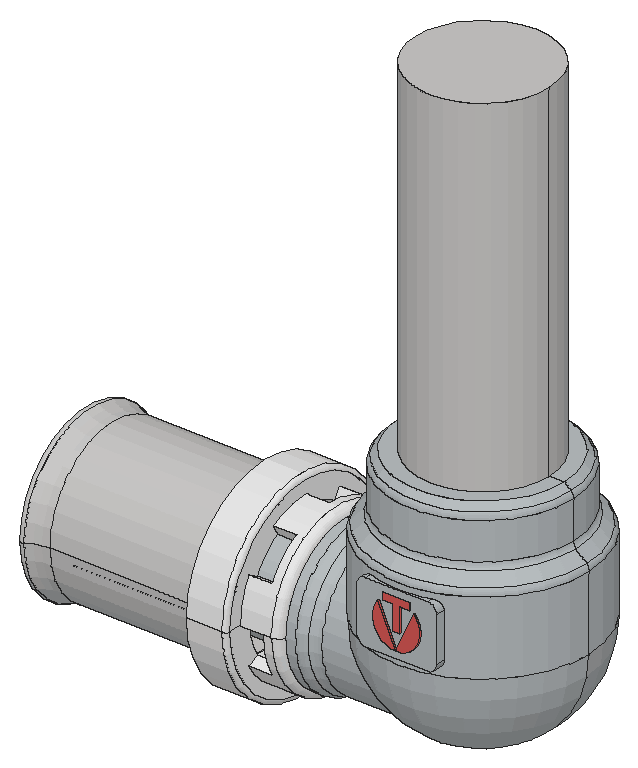
Revit family "VTm_281_УгольникПресс_c_ХромТрубкой", category Соединительные детали трубопроводов, Revit 2017
Family settings
  Размер круглого соединителя = Использовать диаметр
  Тип детали = Отвод
  На основе рабочей плоскости = Нет
  Всегда вертикально = Да
  При загрузке вырезать с полостями = Нет
  Общий = Нет
Parameters (values of type "16 х 15")
  Фактическая высота от оси пресс гильзы до верх торца хром трубки [instance] = h  # 60.00 mm
  Тело = VTm_281_ТелоУгольникПрессСХромТ_16_15 : VTm_281_ТелоУгольникПрессСХромТ_16_15
  Символ вид спереди и модель [instance] = yes
  Символ в плане [instance] = not(Символ вид спереди и модель)  # no
  РадТрубки = DN2 / 2  # 7.50 mm
  Рад1 = DN1 / 4  # 4.00 mm
  Описание = "Служит для подключения отопительного прибора к разводке из металлополимерных труб"  # constant formula
  Комментарии к типоразмеру = "Модель разработана по заказу ВЕСТА Регионы, автор Михаил Кузьмин НПО Инкомис, правообладатель ВЕСТА Регионы"  # constant formula
  Изготовитель = "VALTEC"  # constant formula
  Желаемая высота от оси пресс гильзы до верх торца хром трубки [instance] = 60.00 mm
  h [instance] = if(or(Желаемая высота от оси пресс гильзы до верх торца хром трубки < 55.00 mm), 55.00 mm, if(or(Желаемая высота от оси пресс гильзы до верх торца хром трубки > 700.00 mm), 700.00 mm, Желаемая высота от оси пресс гильзы до верх торца хром трубки))  # 60.00 mm
  DN2 = 15.00 mm
  DN1 = 16.00 mm
  H [instance] = if(or(Желаемая высота от оси пресс гильзы до верх торца хром трубки = 300.00 mm), 299.00 mm, if(or(Желаемая высота от оси пресс гильзы до верх торца хром трубки = 700.00 mm), 699.00 mm, Желаемая высота от оси пресс гильзы до верх торца хром трубки))  # 60.00 mm
  Длина основы 1 = 17.30 mm
  Гильза1 = VTm_281_Гильза_от_16_до_20 : 16
  Видеть резьбу [instance] = yes
  VT_Цена базовая [instance] = if(and(DN1 = 16.00 mm, H < 300.00 mm), 482, if(and(DN1 = 16.00 mm, H > 300.00 mm), 0, if(and(DN1 = 20.00 mm, H < 300.00 mm), 493, if(and(DN1 = 20.00 mm, H > 300.00 mm), 0, 0))))  # 482
  VT_sleeve = Нержавеющая сталь
  VT_ring = Пластмасса, непрозрачная, белая
  VT_logo = Алюминий, анодированный красный
  VT_body = Цинк
  URL = "http://valtec.ru/catalog/sistemy_metallopolimernyh_i_polimernyh_truboprovodov/press_fitingi/press_fiting_trojnik_s_hromirovannoj_trubkoj_vtm282n.html"
  ADSK_Примечание = ""
  ADSK_Позиция [instance] = if(and(DN1 = 16.00 mm, H < 300.00 mm), "281.1630", if(and(DN1 = 16.00 mm, H > 300.00 mm), "281.1670", if(and(DN1 = 20.00 mm, H < 300.00 mm), "281.2030", if(and(DN1 = 20.00 mm, H > 300.00 mm), "281. 2070", "Такого типоразмера не существует"))))  # "281.1630"
  ADSK_Обозначение [instance] = if(and(DN1 = 16.00 mm, H < 300.00 mm), "VTm.281.N.1615-30", if(and(DN1 = 16.00 mm, H > 300.00 mm), "VTm.281.N.1615-70", if(and(DN1 = 20.00 mm, H < 300.00 mm), "VTm.281.N.2015-30", if(and(DN1 = 20.00 mm, H > 300.00 mm), "VTm.281.N.2015-70", "Такого типоразмера не существует"))))  # "VTm.281.N.1615-30"
  ADSK_Наименование [instance] = if(and(DN1 = 16.00 mm, H < 300.00 mm), "Угольник пресс с хромированной трубкой короткий 16х15х300", if(and(DN1 = 16.00 mm, H > 300.00 mm), "Угольник пресс с хромированной трубкой длинный 16х15х700", if(and(DN1 = 20.00 mm, H < 300.00 mm), "Угольник пресс с хромированной трубкой короткий 20х15х300", if(and(DN1 = 20.00 mm, H > 300.00 mm), "Угольник пресс с хромированной трубкой длинный 20х15х700", "Такого типоразмера не существует"))))  # "Угольник пресс с хромированной трубкой короткий 16х15х300"
  ADSK_Масса_Текст [instance] = if(and(DN1 = 16.00 mm, H < 300.00 mm), "0,204", if(and(DN1 = 16.00 mm, H > 300.00 mm), "0,348", if(and(DN1 = 20.00 mm, H < 300.00 mm), "0,212", if(and(DN1 = 20.00 mm, H > 300.00 mm), "0,358", " "))))  # "0,204"
  ADSK_Масса [instance] = if(and(DN1 = 16.00 mm, H < 300.00 mm), 0.204, if(and(DN1 = 16.00 mm, H > 300.00 mm), 0.348, if(and(DN1 = 20.00 mm, H < 300.00 mm), 0.212, if(and(DN1 = 20.00 mm, H > 300.00 mm), 0.358, 0))))  # 0.204
  ADSK_Завод-изготовитель = "VALTEC"  # constant formula
  ADSK_Единица измерения = "шт"  # constant formula
  ADSK_Версия семейства = "01.01"  # constant formula
  ADSK_Версия Revit = "2017"  # constant formula
Types (2, lengths in mm): name | Тело | Рад1 | DN1 | Гильза1 | VT_Цена базовая | ADSK_Позиция | ADSK_Обозначение | ADSK_Наименование | ADSK_Масса_Текст | ADSK_Масса
  16 х 15 | VTm_281_ТелоУгольникПрессСХромТ_16_15 : VTm_281_ТелоУгольникПрессСХромТ_16_15 | 4.00 | 16.00 | VTm_281_Гильза_от_16_до_20 : 16 | 482 | "281.1630" | "VTm.281.N.1615-30" | "Угольник пресс с хромированной трубкой короткий 16х15х300" | "0,204" | 0.204
  20 х 15 | VTm_281_ТелоУгольникПрессСХромТ_20_15 : VTm_281_ТелоУгольникПрессСХромТ_20_15 | 5.00 | 20.00 | VTm_281_Гильза_от_16_до_20 : 20 | 493 | "281.2030" | "VTm.281.N.2015-30" | "Угольник пресс с хромированной трубкой короткий 20х15х300" | "0,212" | 0.212
Reference planes
  plane 1 "По центру (Вперед/Назад)": y = 0
  plane 2: z = 0
  plane 3 "По центру (Влево/Вправо)": x = 0
  plane 4: x = -17.3
  plane 5: x = -33.3
  plane 6: x = -49.3
  plane 7: y = -16
  plane 8: y = 16
  plane 9: z = 60
  plane 10: z = 16
  plane 11: z = -16
Forms (mm)
  Extrusion 1, solid, not visible
    sketch origin (0, 0, 0) x (0, 1, 0) y (0, 0, 1)
      loop
        circle (0, 0) r 4
    from 0 to -17.3
  Extrusion 2, solid, material "Нержавеющая сталь" <- "VT_sleeve", detail levels fine
    sketch origin (0, 0, 0) x (1, 0, 0) y (0, 1, 0)
      loop
        circle (0, 0) r 7.5
    from 0 to 60
Lines and regions (mm)
  model lines, style "VT_symbol", visible <- "Символ в плане", detail levels medium
    curve 1: line (-17.3, 16, 0) -> (-49.3, -16, 0)
    curve 2: line (-49.3, 16, 0) -> (-17.3, -16, 0)
  model lines, style "VT_symbol", detail levels coarse+medium
    curve 3: line (0, 0, 0) -> (0, 0, 60)
  model lines, detail levels coarse+medium
    curve 4: line (0, 0, 0) -> (-17.3, 0, 0)
  model lines, style "VT_symbol", visible <- "Символ вид спереди и модель", detail levels medium
    curve 5: line (-49.3, 0, 16) -> (-17.3, 0, -16)
    curve 6: line (-49.3, 0, -16) -> (-17.3, 0, 16)
Dimensions and locks
  "Длина основы 1": plane 4 to plane 3 "По центру (Влево/Вправо)"
  equal spacing: plane 8, plane 1 "По центру (Вперед/Назад)", plane 7
  equal spacing: plane 6, plane 5, plane 4
  "DN1": plane 5 to plane 4
  "DN1": plane 7 to plane 1 "По центру (Вперед/Назад)"
  "h": plane 9 to plane 2
  equal spacing: plane 10, plane 2, plane 11
  "DN1": plane 10 to plane 2
  "Рад1": radius of Extrusion 1 sketch curve
  "РадТрубки": radius of Extrusion 2 sketch curve
  aligned and locked: level to plane 2
  aligned and locked: plane 1 "По центру (Вперед/Назад)" to Extrusion 1 sketch curve
  aligned and locked: plane 2 to Extrusion 1 sketch curve
  aligned and locked: plane 3 "По центру (Влево/Вправо)" to Extrusion 1
  aligned and locked: Extrusion 1 to plane 4
  aligned and locked: plane 8 to curve 1
  aligned and locked: plane 4 to curve 1
  aligned and locked: plane 4 to curve 2
  aligned and locked: plane 7 to curve 2
  aligned and locked: plane 7 to curve 1
  aligned and locked: plane 6 to curve 1
  aligned and locked: plane 6 to curve 2
  aligned and locked: plane 8 to curve 2
  aligned and locked: nested 1 to plane 1 "По центру (Вперед/Назад)"
  aligned and locked: nested 1 to plane 2
  aligned and locked: plane 3 "По центру (Влево/Вправо)" to nested 2
  aligned and locked: plane 1 "По центру (Вперед/Назад)" to nested 2
  aligned and locked: plane 9 to curve 3
  aligned and locked: plane 3 "По центру (Влево/Вправо)" to Extrusion 2 sketch curve
  aligned and locked: plane 9 to Extrusion 2
  aligned and locked: nested 3 to plane 1 "По центру (Вперед/Назад)"
  aligned and locked: plane 2 to nested 3
  aligned and locked: Extrusion 2 to plane 2
  aligned and locked: plane 1 "По центру (Вперед/Назад)" to Extrusion 2 sketch curve
  aligned and locked: plane 2 to curve 3
  aligned and locked: plane 1 "По центру (Вперед/Назад)" to curve 3
  aligned and locked: plane 4 to curve 4
  aligned and locked: plane 6 to curve 5
  aligned and locked: plane 10 to curve 5
  aligned and locked: plane 4 to curve 6
  aligned and locked: plane 10 to curve 6
  aligned and locked: plane 4 to curve 5
  aligned and locked: plane 11 to curve 5
  aligned and locked: plane 6 to curve 6
  aligned and locked: plane 11 to curve 6
Automatic sketch dimensions
  curve 4 to level = 0.00 mm
  curve 4 to plane 3 "По центру (Влево/Вправо)" = 0.00 mm
Nested families
  nested 1: "MarkR" at (-17.3, 0, 0) x (0, 1, 0) z (1, 0, 0), type "MarkR", not visible
  nested 2: "VTm_281_ТелоУгольникПрессСХромТ_16_15" at (0, 0, 0), type <- "Тело", type "VTm_281_ТелоУгольникПрессСХромТ_16_15", detail levels fine
  nested 3: "VTm_281_Гильза_от_16_до_20" at (-17.3, 0, 0) x (0, 1, 0) z (-1, 0, 0), type <- "Гильза1", type "16", detail levels fine
Connectors
  piping at (-17.3, 0, 0), diameter 16, driven by "DN1"
    settings: on Extrusion 1, index 1, connector inside diameter 609.6 mm, connector length 0.00 mm, flow factor 0, pipe flow 0.0 L/s, pressure drop 0.0 Pa, fitting loss kfactor 0, connector angle 0.00°, fixture units 0, engagement length 0.00 mm, angle of deflection 0.00°, flow configuration 0, flow direction 0, fitting loss method 0, system type 28, joint type 0, gender type 0, connector reference index 2, connector utility 0, adjustable connector no, is connector primary yes, connector description ""
  piping at (0, 0, 60), diameter 15, driven by "DN2"
    settings: on Extrusion 2, index 2, connector inside diameter 609.6 mm, connector length 0.00 mm, flow factor 0, pipe flow 0.0 L/s, pressure drop 0.0 Pa, fitting loss kfactor 0, connector angle 90.00°, fixture units 0, engagement length 0.00 mm, angle of deflection 0.00°, flow configuration 0, flow direction 0, fitting loss method 0, system type 28, joint type 0, gender type 0, connector reference index 1, connector utility 0, adjustable connector no, is connector primary no, connector description ""
Definition of nested family "VTm_281_ТелоУгольникПрессСХромТ_16_15"
  Parameters (values of type "VTm_281_ТелоУгольникПрессСХромТ_16_15")
    Default Elevation = 1219.20 mm
    VT_logo = none
    VT_body = none
  Reference planes
    plane 1 "По центру (Вперед/Назад)": y = 0
    plane 2: z = 0
    plane 3 "По центру (Влево/Вправо)": x = 0
    plane 4: x = -12
    plane 5: x = -10.25
    plane 6: z = 4.25
    plane 7: z = -7.75
    plane 8: z = -8.5
    plane 9: y = 12.137
    plane 10: y = -12.137
  Forms (mm)
    Extrusion 1, solid, material <- "VT_body"
      sketch origin (0, 0, 0) x (1, 0, 0) y (0, 0, 1)
        loop
          line (3.502, 11.924) -> (-3.497, 11.924)
          arc (-3.497, 11.924) -> (-4.206, 11.63) -> (-4.5, 10.921) r 1.003
          line (-4.5, 10.921) -> (-4.5, 5.923)
          arc (-4.5, 5.923) -> (-4.207, 5.217) -> (-3.501, 4.924) r 0.999
          line (-3.501, 4.924) -> (3.5, 4.924)
          arc (3.5, 4.924) -> (4.207, 5.217) -> (4.5, 5.924) r 1
          line (4.5, 5.924) -> (4.5, 10.926)
          arc (4.5, 10.926) -> (4.208, 11.632) -> (3.502, 11.924) r 0.998
      from -12.137 to 12.137
    Revolve 2, solid, material <- "VT_body"
      sketch origin (0, 0, 0) x (1, 0, 0) y (0, 0, 1)
        loop
          line (-9.25, 20.75) -> (-9.958, 20.042)
          arc (-9.958, 20.042) -> (-10.174, 19.719) -> (-10.25, 19.336) r 0.998
          line (-10.25, 19.336) -> (-10.25, 15.164)
          arc (-10.25, 15.164) -> (-10.326, 14.782) -> (-10.543, 14.457) r 1
          line (-10.543, 14.457) -> (-11.707, 13.293)
          arc (-11.707, 13.293) -> (-11.924, 12.968) -> (-12, 12.586) r 1
          line (-12, 12.586) -> (-12, 4.25)
          arc (-12, 4.25) -> (-8.485, -4.235) -> (0, -7.75) r 12
          line (0, -7.75) -> (0, 20.75) -> (-9.25, 20.75)
        axis (0, 20.75) -> (0, -7.75)
      angle from 0 to 360
    Revolve 3, solid, material <- "VT_body"
      sketch origin (0, 0, 0) x (1, 0, 0) y (0, 0, 1)
        loop
          line (0, -7.75) -> (0, 0) -> (-15.5, 0) -> (-15.5, -8.5) -> (-14.328, -8.5)
          arc (-14.328, -8.5) -> (-13.716, -8.404) -> (-13.163, -8.125) r 2
          arc (-13.163, -8.125) -> (-12.609, -7.846) -> (-11.997, -7.75) r 2
          line (-11.997, -7.75) -> (0, -7.75)
        axis (-15.5, 0) -> (0, 0)
      angle from 0 to 360
  Dimensions and locks
    locked: plane 4 to plane 3 "По центру (Влево/Вправо)" at 12
    locked: plane 5 to plane 3 "По центру (Влево/Вправо)" at 10.25
    Extrusion 1 sketch curve to plane 3 "По центру (Влево/Вправо)" to Extrusion 1 sketch curve = 4.50 mm, 4.50 mm
    Extrusion 1 sketch curve to Extrusion 1 sketch curve = 7.00 mm
    locked: plane 6 to plane 2 at 4.25
    locked: plane 2 to plane 7 at 7.75
    locked: plane 2 to plane 8 at 8.5
    equal spacing: Extrusion 1, nested 2, Extrusion 1, locked at 3.5 each
    equal spacing: Extrusion 1, nested 1, Extrusion 1, locked at 3.5 each
    locked: plane 3 "По центру (Влево/Вправо)" to Revolve 3 at 15.5
    equal spacing: plane 9, plane 1 "По центру (Вперед/Назад)", plane 10, locked at 12.137 each
    Extrusion 1 to Extrusion 1 to plane 2 = 7.00 mm locked, 4.924 mm locked
    equal spacing: Extrusion 1, plane 3 "По центру (Влево/Вправо)", Extrusion 1, locked at 4.5 each
    aligned and locked: level to plane 2
    aligned and locked: nested 1 to plane 3 "По центру (Влево/Вправо)"
    aligned and locked: plane 3 "По центру (Влево/Вправо)" to nested 2
    aligned and locked: Revolve 2 sketch curve to plane 3 "По центру (Влево/Вправо)"
    aligned and locked: plane 4 to Revolve 2 sketch curve
    aligned and locked: plane 5 to Revolve 2 sketch curve
    aligned and locked: plane 3 "По центру (Влево/Вправо)" to Revolve 2 sketch curve
    aligned and locked: Revolve 3 sketch curve to plane 3 "По центру (Влево/Вправо)"
    aligned and locked: Revolve 3 sketch curve to plane 2
    aligned and locked: Revolve 3 sketch curve to Revolve 3 sketch curve
    aligned and locked: plane 7 to Revolve 3 sketch curve
    aligned and locked: Extrusion 1 to plane 9
    aligned and locked: Extrusion 1 to plane 10
  Automatic sketch dimensions
    Extrusion 1 sketch curve to Extrusion 1 sketch curve = 0.999 mm
    Extrusion 1 sketch curve to Extrusion 1 sketch curve = 1.003 mm
    Extrusion 1 sketch curve to Extrusion 1 sketch curve = 1.00 mm
    Extrusion 1 sketch curve to Extrusion 1 sketch curve = 0.998 mm
    level to Extrusion 1 sketch curve = 4.924 mm
    Revolve 2 sketch curve to plane 3 "По центру (Влево/Вправо)" = 0.00 mm
    plane 4 to Revolve 2 sketch curve = 0.293 mm
    plane 4 to Revolve 2 sketch curve = 0.75 mm
    Revolve 2 sketch curve to plane 5 = 0.75 mm
    plane 5 to Revolve 2 sketch curve = 0.292 mm
    Revolve 2 sketch curve to Revolve 2 sketch curve = 0.998 mm
    plane 5 to Revolve 2 sketch curve = 1.00 mm
    Revolve 2 sketch curve to level = 7.75 mm
    Revolve 2 sketch curve to Revolve 2 sketch curve = 8.336 mm
    Revolve 2 sketch curve to Revolve 2 sketch curve = 4.172 mm
    Revolve 2 sketch curve to Revolve 2 sketch curve = 9.413 mm
    Revolve 2 sketch curve to Revolve 2 sketch curve = 10.00 mm
    plane 4 to Revolve 3 sketch curve = 0.003 mm
    Revolve 3 sketch curve to plane 4 = 2.328 mm
    Revolve 3 sketch curve to Revolve 3 sketch curve = 1.172 mm
    Revolve 3 sketch curve to level = 6.50 mm
    Revolve 3 sketch curve to Revolve 3 sketch curve = 2.00 mm  (x2)
    Revolve 3 sketch curve to Revolve 3 sketch curve = 14.038 mm
    plane 3 "По центру (Влево/Вправо)" to Revolve 3 sketch curve = 8.158 mm
  Nested families
    nested 1: "VTm_282_Logo_5_5mm" at (0, 12.137, 8.424) x (-1, 0, 0) z (0, 1, 0), type "VTm_282_Logo_5_5mm"
    nested 2: "VTm_282_Logo_5_5mm" at (0, -12.137, 8.424) x (1, 0, 0) z (0, -1, 0), type "VTm_282_Logo_5_5mm"
  Definition of nested family "VTm_282_Logo_5_5mm"
    Parameters (values of type "VTm_282_Logo_5_5mm")
      Default Elevation = 0.00 mm
      Description = ""
      Type Comments = ""
      VT_logo = none
    Reference planes
      plane 1 "По центру (Вперед/Назад)": y = 0
      plane 2: z = 0
      plane 3 "По центру (Влево/Вправо)": x = 0
      plane 4: z = -0.8
      plane 5: z = 0.1
    Forms (mm)
      Extrusion 1, solid, not visible
        sketch origin (0, 0, 0) x (1, 0, 0) y (0, 1, 0)
          loop
            line (-1219.2, 1219.2) -> (-1219.2, -1219.2) -> (1219.2, -1219.2) -> (1219.2, 1219.2) -> (-1219.2, 1219.2)
        from 0 to -304.8
      Extrusion 2, solid, material <- "VT_logo"
        sketch origin (0, 0, 0) x (1, 0, 0) y (0, 1, 0)
          loop
            arc (-2.006, 1.803) -> (-2.464, -1.097) -> (-0.002, -2.697) r 2.697
            line (-0.002, -2.697) -> (-2.006, 1.803)
          loop
            line (-0.42, 1.945) -> (-0.42, -0.8) -> (0.42, -0.8) -> (0.42, 1.945) -> (1.5, 1.945) -> (1.5, 2.749) -> (-1.5, 2.749) -> (-1.5, 1.945) -> (-0.42, 1.945)
        from -0.8 to 0.1
      Extrusion 3, solid, material <- "VT_logo"
        sketch origin (0, 0, 0) x (1, 0, 0) y (0, 1, 0)
          loop
            arc (0.002, -2.697) -> (2.464, -1.097) -> (2.006, 1.803) r 2.697
            line (2.006, 1.803) -> (0.002, -2.697)
        from -0.8 to 0.1
    Dimensions and locks
      equal spacing: Extrusion 2 sketch curve, plane 3 "По центру (Влево/Вправо)", Extrusion 2 sketch curve  (x2)
      plane 3 "По центру (Влево/Вправо)" to Extrusion 2 sketch curve = 0.42 mm
      Extrusion 2 sketch curve to plane 3 "По центру (Влево/Вправо)" to Extrusion 2 sketch curve = 1.50 mm, 1.50 mm
      Extrusion 2 sketch curve to Extrusion 2 sketch curve = 0.803 mm  (x2)
      locked: plane 2 to plane 4 at 0.8
      locked: plane 5 to plane 2 at 0.1
      equal spacing: Extrusion 2, plane 3 "По центру (Влево/Вправо)", Extrusion 2, locked at 1.5 each
      equal spacing: Extrusion 2, plane 3 "По центру (Влево/Вправо)", Extrusion 2, locked at 0.42 each
      locked: Extrusion 2 to plane 1 "По центру (Вперед/Назад)" at 2.749
      locked: Extrusion 2 to plane 1 "По центру (Вперед/Назад)" at 0.8
      locked: Extrusion 2 to Extrusion 2 at 0.803
      Extrusion 2 sketch curve to plane 1 "По центру (Вперед/Назад)" = 0.80 mm
      aligned and locked: plane 2 to Extrusion 1
      aligned and locked: level to Extrusion 1
      aligned and locked: plane 5 to Extrusion 2
      aligned and locked: plane 3 "По центру (Влево/Вправо)" to Extrusion 2 sketch curve
      aligned and locked: plane 1 "По центру (Вперед/Назад)" to Extrusion 2 sketch curve
      aligned and locked: plane 3 "По центру (Влево/Вправо)" to Extrusion 3 sketch curve
      aligned and locked: plane 1 "По центру (Вперед/Назад)" to Extrusion 3 sketch curve
      aligned and locked: plane 5 to Extrusion 3
      aligned and locked: Extrusion 2 to plane 4
      aligned and locked: Extrusion 2 to Extrusion 3
    Automatic sketch dimensions
      Extrusion 1 sketch curve to Extrusion 1 sketch curve = 2438.40 mm  (x2)
      Extrusion 2 sketch curve to Extrusion 2 sketch curve = 0.506 mm
      Extrusion 2 sketch curve to plane 3 "По центру (Влево/Вправо)" = 0.002 mm
      Extrusion 2 sketch curve to Extrusion 2 sketch curve = 1.897 mm
      Extrusion 2 sketch curve to Extrusion 2 sketch curve = 0.142 mm
      plane 3 "По центру (Влево/Вправо)" to Extrusion 3 sketch curve = 0.002 mm
      plane 3 "По центру (Влево/Вправо)" to Extrusion 3 sketch curve = 2.006 mm
      plane 1 "По центру (Вперед/Назад)" to Extrusion 3 sketch curve = 2.697 mm
Definition of nested family "VTm_281_Гильза_от_16_до_20"
  Parameters (values of type "16")
    ТолщСтенкТруб = 2.10 mm
    РегулировкаВысотГильз = 17.30 mm
    РадПерфНаруж = 9.30 mm
    РадПерфВнутр = РадПерфНаруж - 1.30 mm  # 8.00 mm
    РадГабаритКольца = 11.20 mm
    Default Elevation = 0.00 mm
    НарРадТруб = НарДиамТруб / 2  # 8.00 mm
    НарДиамТруб = 16.00 mm
    ВысотаОкон = 2.697 mm
    VT_body = none
    VT_ring = none
    VT_sleeve = none
  Types (2, lengths in mm): name | РегулировкаВысотГильз | РадПерфНаруж | РадПерфВнутр | РадГабаритКольца | НарРадТруб | НарДиамТруб
    16 | 17.30 | 9.30 | 8.00 | 11.20 | 8.00 | 16.00
    20 | 17.35 | 11.45 | 10.15 | 13.20 | 10.05 | 20.10
  Reference planes
    plane 1 "По центру (Вперед/Назад)": y = 0
    plane 2: z = 0
    plane 3 "По центру (Влево/Вправо)": x = 0
    plane 4: z = -1.8
    plane 5: z = 2.697
    plane 6: z = 7.197
    plane 7: x = -11.2
    plane 8: x = -9.3
    plane 9 "РадПерфВнутр": x = -8
    plane 10: through (0, 0, 1219.2) normal (-0.5, -0.866, 0)
    plane 11: through (0, 0, 1219.2) normal (-0.866, -0.5, 0)
    plane 12: through (0, 0, 1219.2) normal (-0.866, 0.5, 0)
    plane 13: through (0, 0, 1219.2) normal (-0.5, 0.866, 0)
    plane 14: x = -8.9
    plane 15: z = 24.497
    plane 16: z = 27.313
    plane 17: x = -5.9
    plane 18: x = -3.5
    plane 19 "РадНарТруб": x = -8
    plane 20: x = -13.75
  Forms (mm)
    Extrusion 1, solid, not visible
      sketch origin (0, 0, 0) x (1, 0, 0) y (0, 1, 0)
        loop
          line (-1219.2, 1219.2) -> (-1219.2, -1219.2) -> (1219.2, -1219.2) -> (1219.2, 1219.2) -> (-1219.2, 1219.2)
      from 0 to -304.8
    Revolve 2, solid, material <- "VT_ring"
      sketch origin (0, 0, 0) x (1, 0, 0) y (0, 0, 1)
        loop
          line (-8, 0) -> (-8, 2.697) -> (-9.3, 2.697) -> (-9.3, -0.817)
          arc (-9.3, -0.817) -> (-9.012, -1.512) -> (-8.317, -1.8) r 0.983
          line (-8.317, -1.8) -> (0, -1.8) -> (0, 0) -> (-8, 0)
        axis (0, 2.697) -> (0, -1.8)
      angle from 0 to 360
    Extrusion 3, void
      sketch origin (0, 0, 0) x (1, 0, 0) y (0, 1, 0)
        loop
          line (-9.3, 0) -> (-8, 0)
          arc (-8, 0) -> (-7.727, 2.071) -> (-6.928, 4) r 8
          line (-6.928, 4) -> (-8.054, 4.65)
          arc (-8.054, 4.65) -> (-8.983, 2.407) -> (-9.3, 0) r 9.3
        loop
          arc (-4, 6.928) -> (-2.071, 7.727) -> (0, 8) r 8
          line (0, 8) -> (0, 9.3)
          arc (0, 9.3) -> (-2.407, 8.983) -> (-4.65, 8.054) r 9.3
          line (-4.65, 8.054) -> (-4, 6.928)
        loop
          arc (4, 6.928) -> (5.657, 5.657) -> (6.928, 4) r 8
          line (6.928, 4) -> (8.054, 4.65)
          arc (8.054, 4.65) -> (6.576, 6.576) -> (4.65, 8.054) r 9.3
          line (4.65, 8.054) -> (4, 6.928)
        loop
          arc (8, 0) -> (7.727, -2.071) -> (6.928, -4) r 8
          line (6.928, -4) -> (8.054, -4.65)
          arc (8.054, -4.65) -> (8.983, -2.407) -> (9.3, 0) r 9.3
          line (9.3, 0) -> (8, 0)
        loop
          arc (4, -6.928) -> (2.071, -7.727) -> (0, -8) r 8
          line (0, -8) -> (0, -9.3)
          arc (0, -9.3) -> (2.407, -8.983) -> (4.65, -8.054) r 9.3
          line (4.65, -8.054) -> (4, -6.928)
        loop
          arc (-8.054, -4.65) -> (-6.576, -6.576) -> (-4.65, -8.054) r 9.3
          line (-4.65, -8.054) -> (-4, -6.928)
          arc (-4, -6.928) -> (-5.657, -5.657) -> (-6.928, -4) r 8
          line (-6.928, -4) -> (-8.054, -4.65)
      from 0 to 2.697
    Revolve 4, solid, material <- "VT_ring"
      sketch origin (0, 0, 0) x (1, 0, 0) y (0, 0, 1)
        loop
          line (-11.2, 7.197) -> (-11.2, 3.224)
          arc (-11.2, 3.224) -> (-11.046, 2.851) -> (-10.674, 2.697) r 0.526
          line (-10.674, 2.697) -> (-8, 2.697) -> (-8, 7.197) -> (-11.2, 7.197)
        axis (0, 2.697) -> (0, 7.197)
      angle from 0 to 360
    Revolve 5, solid, material <- "VT_sleeve"
      sketch origin (0, 0, 0) x (1, 0, 0) y (0, 0, 1)
        loop
          line (-8.9, 7.197) -> (-8, 7.197) -> (-8, 24.497)
          arc (-8, 24.497) -> (-8.187, 25.953) -> (-8.737, 27.313) r 5.75
          arc (-8.737, 27.313) -> (-9.35, 27.485) -> (-9.522, 26.873) r 0.45
          arc (-9.522, 26.873) -> (-9.058, 25.725) -> (-8.9, 24.497) r 4.85
          line (-8.9, 24.497) -> (-8.9, 7.197)
        axis (0, 27.313) -> (0, 7.197)
      angle from 0 to 360
    Revolve 6, solid, material <- "VT_body"
      sketch origin (0, 0, 0) x (1, 0, 0) y (0, 0, 1)
        loop
          line (-3.764, 24.955) -> (-4.576, 26.366)
          arc (-4.576, 26.366) -> (-4.898, 26.631) -> (-5.315, 26.617) r 0.591
          arc (-5.315, 26.617) -> (-5.74, 26.267) -> (-5.9, 25.739) r 0.951
          line (-5.9, 25.739) -> (-5.9, 0) -> (-3.5, 0) -> (-3.5, 23.969)
          arc (-3.5, 23.969) -> (-3.567, 24.479) -> (-3.764, 24.955) r 1.977
        axis (0, 26.617) -> (0, 0)
      angle from 0 to 360
  Cuts and joins
    Extrusion 3 cuts Revolve 2
  Dimensions and locks
    "РадГабаритКольца": plane 7 to plane 3 "По центру (Влево/Вправо)"
    "РадПерфНаруж": plane 8 to plane 3 "По центру (Влево/Вправо)"
    "РадПерфВнутр": plane 9 "РадПерфВнутр" to plane 3 "По центру (Влево/Вправо)"
    locked: plane 17 to plane 18 at 2.4
    "ТолщСтенкТруб": plane 19 "РадНарТруб" to plane 17
    "НарРадТруб": plane 19 "РадНарТруб" to plane 3 "По центру (Влево/Вправо)"
    locked: plane 14 to plane 19 "РадНарТруб" at 0.9
    "РегулировкаВысотГильз": plane 15 to plane 6
    locked: plane 16 to plane 15 at 2.816
    plane 16 to plane 4 = 29.113 mm
    locked: plane 19 "РадНарТруб" to plane 20 at 5.75
    locked: plane 6 to plane 5 at 4.5
    locked: plane 2 to plane 4 at 1.8
    "ВысотаОкон": plane 5 to plane 2
    "РадПерфВнутр": radius of Extrusion 3 sketch curve  (x6)
    "РадПерфНаруж": radius of Extrusion 3 sketch curve  (x6)
    aligned and locked: plane 2 to Extrusion 1
    aligned and locked: level to Extrusion 1
    aligned and locked: Revolve 2 sketch curve to plane 8
    aligned and locked: Revolve 2 sketch curve to plane 3 "По центру (Влево/Вправо)"
    aligned and locked: plane 2 to Revolve 2 sketch curve
    aligned and locked: plane 4 to Revolve 2 sketch curve  (x2)
    aligned and locked: Revolve 2 sketch curve to plane 2
    aligned and locked: Extrusion 3 sketch curve to plane 1 "По центру (Вперед/Назад)"
    aligned and locked: plane 10 to Extrusion 3 sketch curve
    aligned and locked: plane 3 "По центру (Влево/Вправо)" to Extrusion 3 sketch curve  (x13)
    aligned and locked: plane 1 "По центру (Вперед/Назад)" to Extrusion 3 sketch curve  (x13)
    aligned and locked: Extrusion 3 to plane 2
    aligned and locked: plane 5 to Extrusion 3
    aligned and locked: Revolve 2 sketch curve to plane 9 "РадПерфВнутр"
    aligned and locked: Revolve 2 sketch curve to plane 5
    aligned and locked: Extrusion 3 sketch curve to plane 11
    aligned and locked: Extrusion 3 sketch curve to plane 3 "По центру (Влево/Вправо)"
    aligned and locked: Extrusion 3 sketch curve to plane 12
    aligned and locked: plane 13 to Extrusion 3 sketch curve
    aligned and locked: Extrusion 3 sketch curve to plane 10
    aligned and locked: plane 11 to Extrusion 3 sketch curve
    aligned and locked: Extrusion 3 sketch curve to plane 13
    aligned and locked: plane 12 to Extrusion 3 sketch curve
    aligned and locked: plane 9 "РадПерфВнутр" to Revolve 4 sketch curve
    aligned and locked: plane 7 to Revolve 4 sketch curve
    aligned and locked: plane 6 to Revolve 4 sketch curve
    aligned and locked: Revolve 4 sketch curve to plane 5
    aligned and locked: plane 3 "По центру (Влево/Вправо)" to Revolve 4 sketch curve
    aligned and locked: plane 4 to Revolve 4 sketch curve
    aligned and locked: plane 2 to Revolve 4 sketch curve
    aligned and locked: Revolve 5 sketch curve to plane 3 "По центру (Влево/Вправо)"
    aligned and locked: plane 4 to Revolve 5 sketch curve
    aligned and locked: plane 2 to Revolve 5 sketch curve
    aligned and locked: Revolve 5 sketch curve to plane 14
    aligned and locked: Revolve 5 sketch curve to plane 6
    aligned and locked: Revolve 6 sketch curve to plane 2
    aligned and locked: plane 17 to Revolve 6 sketch curve
    aligned and locked: Revolve 6 sketch curve to plane 3 "По центру (Влево/Вправо)"
    aligned and locked: plane 4 to Revolve 6 sketch curve
    aligned and locked: plane 2 to Revolve 6 sketch curve
    aligned and locked: Revolve 6 sketch curve to plane 18
    aligned and locked: Revolve 5 sketch curve to plane 19 "РадНарТруб"
    aligned and locked: plane 20 to Revolve 5 sketch curve  (x2)
    aligned and locked: plane 15 to Revolve 5 sketch curve  (x2)
  Automatic sketch dimensions
    Extrusion 1 sketch curve to Extrusion 1 sketch curve = 2438.40 mm  (x2)
    Revolve 2 sketch curve to plane 3 "По центру (Влево/Вправо)" = 0.00 mm
    Revolve 2 sketch curve to plane 9 "РадПерфВнутр" = 0.317 mm
    Revolve 4 sketch curve to Revolve 4 sketch curve = 0.526 mm
    Revolve 5 sketch curve to plane 16 = 0.00 mm
    Revolve 5 sketch curve to Revolve 5 sketch curve = 0.00 mm  (x2)
    Revolve 6 sketch curve to plane 17 = 0.423 mm
    Revolve 6 sketch curve to plane 17 = 0.812 mm
    Revolve 6 sketch curve to Revolve 6 sketch curve = 0.139 mm
    Revolve 6 sketch curve to Revolve 6 sketch curve = 0.512 mm
    plane 18 to Revolve 6 sketch curve = 0.264 mm
    plane 15 to Revolve 6 sketch curve = 0.528 mm
    Revolve 6 sketch curve to Revolve 6 sketch curve = 0.332 mm
Definition of nested family "MarkR"
  Parameters (values of type "MarkR")
    Default Elevation = 0.00 mm
  Reference planes
    plane 1 "По центру (Вперед/Назад)": y = 0
    plane 2: z = 0
    plane 3 "По центру (Влево/Вправо)": x = 0
    plane 4: y = 0.437
    plane 5: x = -0.424
    plane 6: x = 0.424
    plane 7: y = -0.335
    plane 8: y = -0.62
    plane 9: y = 0.307
    plane 10: x = 0.537
    plane 11: x = -0.537
  Forms (mm)
    Extrusion 1, solid
      sketch origin (0, 0, 0) x (1, 0, 0) y (0, 1, 0)
        loop
          line (-1219.2, 1219.2) -> (-1219.2, -1219.2) -> (1219.2, -1219.2) -> (1219.2, 1219.2) -> (-1219.2, 1219.2)
      from 0 to -304.8
  Lines and regions (mm)
    model lines
      curve 1: circle (0, 0, 0) r 0.75 normal (0, 0, 1)
      curve 2: line (-0.537, 0.307, 0) -> (0, -0.62, 0)
      curve 3: line (0.537, 0.307, 0) -> (0, -0.62, 0)
      curve 4: line (0, -0.335, 0) -> (0, 0.437, 0)
      curve 5: line (-0.424, 0.437, 0) -> (0.424, 0.437, 0)
    model lines, not visible
      curve 6: circle (0, 0, 0) r 0.75 normal (0, 0, 1)
      curve 7: line (-0.537, 0.307, 0) -> (0, -0.62, 0)
      curve 8: line (0.537, 0.307, 0) -> (0, -0.62, 0)
      curve 9: line (0, -0.335, 0) -> (0, 0.437, 0)
      curve 10: line (-0.424, 0.437, 0) -> (0.424, 0.437, 0)
  Dimensions and locks
    locked: plane 4 to plane 1 "По центру (Вперед/Назад)" at 0.437
    locked: plane 7 to plane 1 "По центру (Вперед/Назад)" at 0.335
    locked: plane 9 to plane 1 "По центру (Вперед/Назад)" at 0.307
    locked: plane 8 to plane 1 "По центру (Вперед/Назад)" at 0.62
    equal spacing: plane 5, plane 3 "По центру (Влево/Вправо)", plane 6, locked at 0.424 each
    equal spacing: plane 11, plane 3 "По центру (Влево/Вправо)", plane 10, locked at 0.537 each
    aligned and locked: plane 2 to Extrusion 1
    aligned and locked: level to Extrusion 1
    aligned and locked: plane 2 to curve 1
    aligned and locked: plane 3 "По центру (Влево/Вправо)" to curve 1
    aligned and locked: plane 1 "По центру (Вперед/Назад)" to curve 1
  Automatic sketch dimensions
    Extrusion 1 sketch curve to Extrusion 1 sketch curve = 2438.40 mm  (x2)
